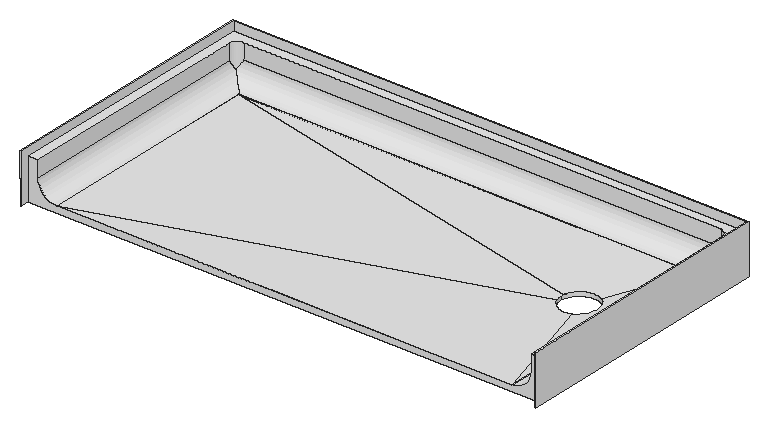
Revit family "P6030E17T,E2T,E17B,E2B", category Plumbing Fixtures, Revit 2014
Parameters (values of type "P6030E17T")
  Unit Width = 5' - 0"
  Unit Height = 0' - 5 3/4"
  URL = "http://www.best-bath.com/"
  Type Comments = "Barrier Free"
  Threshold Height = 0' - 0 3/4"
  Model = "P6030E17T"
  Material [instance] = Best Bath Gelcoat Fiberglass - Smooth
  Manufacturer = "Best Bath Systems, Inc."
  Keynote = "22 40 00.B3"
  Description = "Shower Pan, Traditional Bull Nose Threshold"
  Assembly Code = "D2010710"
Types (5): name | Unit Height | Threshold Height | Model | Description
  (no name) | 0' - 5 3/4" | 0' - 0 3/4" | "P6030E17T" | "Shower Pan, Traditional Bull Nose Threshold"
  P6030E2T | 0' - 7" | 0' - 2" | "P6030E2T" | "Shower Pan, Traditional Bull Nose Threshold"
  P6030E17T | 0' - 5 3/4" | 0' - 0 3/4" | "P6030E17T" | "Shower Pan, Traditional Bull Nose Threshold"
  P6030E17B | 0' - 5 3/4" | 0' - 0 3/4" | "P6030E17B" | "Shower Pan, Beveled Threshold"
  P6030E2B | 0' - 7" | 0' - 2" | "P6030E2B" | "Shower Pan, Beveled Threshold"
Reference planes (in)
  plane 1 "Back": y = -0.5
  plane 2: z = 0
  plane 3 "Left": x = 0
  plane 4: x = 60
  plane 5: z = 4.75
  plane 6: z = 5.75
  plane 7: x = 51.5
  plane 8: y = 29.5
  plane 9: y = 15.5
  plane 10: x = 1.25
  plane 11: x = 58.75
  plane 12: y = 28.25
  plane 13: z = 0.75
  plane 14: z = 0.375
  plane 15: y = -1.5
Forms (in)
  Extrusion 1, solid, material "Best Bath Gelcoat Fiberglass - Smooth"
    sketch origin (0, 0, 0) x (1, 0, 0) y (0, 1, 0)
      loop
        line (0, -0.5) -> (1.25, -0.5) -> (1.25, 27.25)
        arc (1.25, 27.25) -> (1.54289, 27.95711) -> (2.25, 28.25) r 1
        line (2.25, 28.25) -> (57.75, 28.25)
        arc (57.75, 28.25) -> (58.45711, 27.95711) -> (58.75, 27.25) r 1
        line (58.75, 27.25) -> (58.75, -0.5) -> (60, -0.5) -> (60, 29.5) -> (0, 29.5) -> (0, -0.5)
    from 0 to 4.75
  Extrusion 2, solid, material "Best Bath Gelcoat Fiberglass - Smooth"
    sketch origin (0, 0, 0) x (1, 0, 0) y (0, 1, 0)
      loop
        line (0, -0.5) -> (60, -0.5) -> (60, 29.5) -> (0, 29.5) -> (0, -0.5)
      loop
        circle (51.5, 15.5) r 2.125
    from 0 to 0.75
  Sweep 3, solid, material "Best Bath Gelcoat Fiberglass - Smooth"
    path origin (0, 0, 0) x (1, 0, 0) y (0, 1, 0)
      loop
        line (58.75, -0.5) -> (58.75, 28.25) -> (1.25, 28.25) -> (1.25, -0.5)
    profile origin (1.25, 13.875, 0) x (1, 0, 0) y (0, 0, 1)
      loop
        line (0, 0.75) -> (2.2, 0.75)
        arc (2.2, 0.75) -> (0.64437, 1.39437) -> (0, 2.95) r 2.2
        line (0, 2.95) -> (0, 0.75)
  Blend 4, void
    base sketch origin (0, 0, 0) x (1, 0, 0) y (0, 1, 0)
      loop
        line (3.5, -0.5) -> (56.5, -0.5) -> (56.5, 26) -> (3.5, 26) -> (3.5, -0.5)
    top sketch origin (0, 0, 0) x (1, 0, 0) y (0, 1, 0)
      loop
        circle (51.5, 15.5) r 0.10467
    from 0.75 to 0.375
  Extrusion 5, solid, material "Best Bath Gelcoat Fiberglass - Smooth"
    sketch origin (0, 0, 0) x (1, 0, 0) y (0, 1, 0)
      loop
        line (0, -1.5) -> (0.125, -1.5) -> (0.125, 29.375) -> (59.875, 29.375) -> (59.875, -1.5) -> (60, -1.5) -> (60, 29.5) -> (0, 29.5) -> (0, -1.5)
    from 0 to 5.75
Cuts and joins
  Blend 4 cuts Extrusion 1
  Blend 4 cuts Extrusion 2
  Blend 4 cuts Sweep 3
  joined: Extrusion 1, Extrusion 2, Sweep 3, Extrusion 5
Dimensions and locks (in)
  "Unit Width": plane 3 "Left" to plane 4
  locked: plane 6 to plane 5 at 1
  "Unit Height": plane 6 to level
  plane 3 "Left" to plane 7 to plane 4 = 4' - 3 1/2", 0' - 8 1/2"
  locked: plane 8 to plane 12 at 1.25
  locked: plane 11 to plane 4 at 1.25
  locked: plane 3 "Left" to plane 10 at 1.25
  locked: plane 8 to plane 9 at 14
  locked: plane 13 to plane 14 at 0.375
  "Threshold Height": plane 13 to level
  equal spacing: plane 1 "Back", Blend 4 sketch curve, plane 9
  locked: plane 15 to plane 1 "Back" at 1
  locked: plane 8 to plane 15 at 31
  aligned and locked: level to plane 2
  aligned and locked: plane 9 to Extrusion 2 sketch curve
  aligned and locked: plane 7 to Extrusion 2 sketch curve
  aligned and locked: Sweep 3 to plane 13
  aligned and locked: Sweep 3 sketch curve to plane 13
  aligned and locked: Extrusion 2 to plane 13
  aligned and locked: plane 9 to Blend 4 sketch curve
  aligned and locked: plane 7 to Blend 4 sketch curve
  aligned and locked: Extrusion 2 to Blend 4
  aligned and locked: Blend 4 to plane 14
  aligned and locked: plane 5 to Extrusion 1
  aligned and locked: plane 6 to Extrusion 5
Automatic sketch dimensions
  plane 1 "Back" to Extrusion 1 sketch curve = 0' - 0"  (x2)
  Extrusion 1 sketch curve to plane 3 "Left" = 0' - 0"
  Extrusion 1 sketch curve to plane 4 = 0' - 0"
  Extrusion 1 sketch curve to plane 8 = 0' - 0"
  Extrusion 1 sketch curve to plane 10 = 0' - 0"
  Extrusion 1 sketch curve to plane 12 = 0' - 0"
  Extrusion 1 sketch curve to plane 11 = 0' - 0"
  Extrusion 1 sketch curve to plane 12 = 0' - 1"
  plane 10 to Extrusion 1 sketch curve = 0' - 1"
  Extrusion 2 sketch curve to plane 4 = 0' - 0"
  Extrusion 2 sketch curve to plane 8 = 0' - 0"
  profile plane to Sweep 3 sketch curve = 0' - 0"
  Sweep 3 sketch curve to profile plane = 0' - 2.2"
  Extrusion 2 sketch curve to plane 3 "Left" = 0' - 0"
  plane 1 "Back" to Extrusion 2 sketch curve = 0' - 0"
  Sweep 3 sketch curve to plane 10 = 0' - 0"
  Sweep 3 sketch curve to plane 12 = 0' - 0"
  Sweep 3 sketch curve to plane 11 = 0' - 0"
  plane 1 "Back" to Sweep 3 sketch curve = 0' - 0"  (x2)
  plane 1 "Back" to Blend 4 sketch curve = 0' - 0"
  plane 10 to Blend 4 sketch curve = 0' - 2 1/4"
  Blend 4 sketch curve to plane 11 = 0' - 2 1/4"
  Blend 4 sketch curve to plane 12 = 0' - 2 1/4"
  Extrusion 5 sketch curve to plane 3 "Left" = 0' - 0"
  Extrusion 5 sketch curve to plane 15 = 0' - 0"  (x2)
  Extrusion 5 sketch curve to plane 4 = 0' - 0"
  Extrusion 5 sketch curve to plane 8 = 0' - 0"
  plane 3 "Left" to Extrusion 5 sketch curve = 0' - 0 1/8"
  Extrusion 5 sketch curve to Extrusion 5 sketch curve = 0' - 0 1/8"
  Extrusion 5 sketch curve to plane 8 = 0' - 0 1/8"
  radius of Extrusion 2 sketch curve = 0' - 2 1/8"
  radius of Blend 4 sketch curve = 0' - 0.10467"
